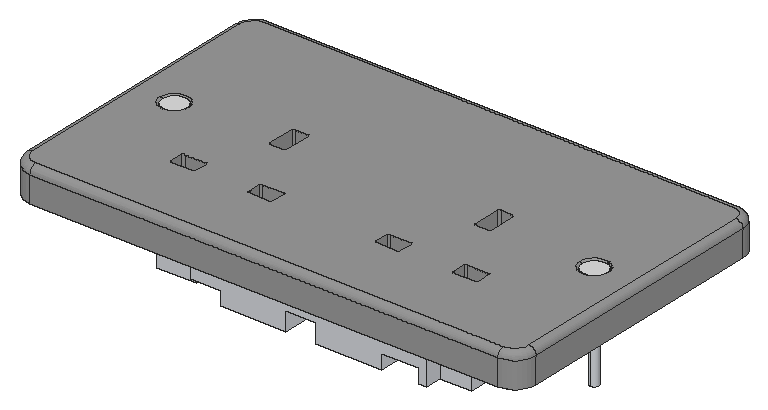
Revit family "ElectricalFixture_WiringAccessories_Hager_Sollysta_UnswitchedSockets", category Electrical Fixtures, host Face, Revit 2015
Parameters (values of type "WMS82")
  Warranty ID = ""
  Voltage (Volts) = "230V/240V"
  Unique Reference = "WMS82"
  Type = "ElectricalFixture"
  Technical Description = "13A2GangUnswitchedSocketDualEarth"
  Switch = yes
  Supply Phase = "1"
  Size = ""
  Shipping Weight kg = "0.188"
  Shape = "Rectangular"
  Reference Standard = "BS 1363-2"
  Product URL = "http://www.hager.co.uk/product-catalogue/wiring-accessories/sollysta/white-moulded/white-moulded-sockets/58428.htm"
  Product Range = "Sollysta"
  Product Model Number = "WMS82"
  Product Literature = "http://www.hager.co.uk/product-catalogue/wiring-accessories/sollysta/38662.htm"
  Product Group = "WiringAccessories"
  Product Family = "WhiteMouldedSockets_UnswitchedSockets"
  Packaging Recyclable = yes
  Overall Width = 0.0 mm
  Overall Length = 146.0 mm
  Overall Height = 86.0 mm
  Overall Depth = 26.07 mm
  Operation and Maintenance Manual = ""
  Name = "WhiteMouldedSocket_WMS82"
  Measurement Units = "mm"
  Material = Urea Formaldehyde Thermoset Plastic
  Manufacturer Website = "http://www.hager.co.uk/"
  Manufacturer Country = "United Kingdom"
  Manufacturer = "Hager"
  LED Indicator Switch [instance] = no
  Gross Weight kg = "0.165"
  Frequency = "50/60Hz"
  Finish = "Gloss"
  Features = "13A2GangUnswitchedSocketDualEarth"
  Extrusion From Wall = 12.61 mm
  Expected Life = "25 years"
  EAN Code = "5015652261056"
  Design Country = "China"
  Description = "13A2GangUnswitchedSocketDualEarth"
  Default Elevation = 1219.2 mm
  Colour = "SollystaWhite"
  CE Approval = yes
Types (4, lengths in mm): name | Unique Reference | Technical Description | Switch | Product Model Number | Product Family | Name | LED Indicator Switch | Features | EAN Code | Description
  WMS82 | "WMS82" | "13A2GangUnswitchedSocketDualEarth" | yes | "WMS82" | "WhiteMouldedSockets_UnswitchedSockets" | "WhiteMouldedSocket_WMS82" | no | "13A2GangUnswitchedSocketDualEarth" | "5015652261056" | "13A2GangUnswitchedSocketDualEarth"
  ElectricalFixture_WiringAccessories_Hager_Sollyster_WMSS82 | "WMSS82" | "2GangDoublePoleSwitchedSocketDualEarth" | yes | "WMSS82" | "WhiteMoldedSockets" | "WhiteMoldedSocket_WMSS82" | no | "2GangDoublePoleSwitchedSocketDualEarth" | "5015652261117" | "2GangDoublePoleSwitchedSocketDualEarth"
  WMSS82 N | "WMSS82" | "2GangDoublePoleSwitchedSocketDualEarth" | no | "WMSS82" | "WhiteMoldedSockets" | "WhiteMoldedSocket_WMSS82" | yes | "2GangDoublePoleSwitchedSocketDualEarth" | "5015652261117" | "2GangDoublePoleSwitchedSocketDualEarth"
  WMSS82 | "WMSS82" | "2GangDoublePoleSwitchedSocketDualEarth" | yes | "WMSS82" | "WhiteMoldedSockets" | "WhiteMoldedSocket_WMSS82" | no | "2GangDoublePoleSwitchedSocketDualEarth" | "5015652261117" | "2GangDoublePoleSwitchedSocketDualEarth"
Reference planes
  plane 1 "Center (Front/Back)": y = 0
  plane 2: z = 0
  plane 3 "Center (Left/Right)": x = 0
  plane 4: y = -43
  plane 5: y = 43
  plane 6: x = -73
  plane 7: x = 73
  plane 8: z = 9.47
  plane 9: z = -16.6
  plane 10: z = 12.61
  plane 11: y = -471.393
  plane 12: z = -20.53
Forms (mm)
  Extrusion 1, solid, material "Urea Formaldehyde Thermoset Plastic", detail levels fine
    sketch origin (0, 0, 0) x (1, 0, 0) y (0, 1, 0)
      loop
        arc (-73, -37.005) -> (-71.244, -41.244) -> (-67.005, -43) r 5.995
        line (-67.005, -43) -> (66.983, -43)
        arc (66.983, -43) -> (71.238, -41.238) -> (73, -36.983) r 6.017
        line (73, -36.983) -> (73, 37.035)
        arc (73, 37.035) -> (71.253, 41.253) -> (67.035, 43) r 5.965
        line (67.035, 43) -> (-67.018, 43)
        arc (-67.018, 43) -> (-71.248, 41.248) -> (-73, 37.018) r 5.982
        line (-73, 37.018) -> (-73, -37.005)
      loop
        line (-44.054, -17.616) -> (-44.054, -21.364)
        arc (-44.054, -21.364) -> (-43.908, -21.716) -> (-43.555, -21.862) r 0.499
        line (-43.555, -21.862) -> (-37.414, -21.862)
        arc (-37.414, -21.862) -> (-37.037, -21.706) -> (-36.882, -21.33) r 0.532
        line (-36.882, -21.33) -> (-36.882, -17.59)
        arc (-36.882, -17.59) -> (-37.032, -17.226) -> (-37.396, -17.075) r 0.515
        line (-37.396, -17.075) -> (-43.513, -17.075)
        arc (-43.513, -17.075) -> (-43.895, -17.233) -> (-44.054, -17.616) r 0.542
      loop
        line (-21.836, -17.616) -> (-21.836, -21.364)
        arc (-21.836, -21.364) -> (-21.69, -21.716) -> (-21.338, -21.862) r 0.499
        line (-21.338, -21.862) -> (-15.196, -21.862)
        arc (-15.196, -21.862) -> (-14.82, -21.706) -> (-14.664, -21.33) r 0.532
        line (-14.664, -21.33) -> (-14.664, -17.59)
        arc (-14.664, -17.59) -> (-14.814, -17.226) -> (-15.179, -17.075) r 0.515
        line (-15.179, -17.075) -> (-21.295, -17.075)
        arc (-21.295, -17.075) -> (-21.678, -17.233) -> (-21.836, -17.616) r 0.542
      loop
        line (-31.779, 6.629) -> (-31.779, -1.226)
        arc (-31.779, -1.226) -> (-31.632, -1.58) -> (-31.278, -1.727) r 0.501
        line (-31.278, -1.727) -> (-27.565, -1.727)
        arc (-27.565, -1.727) -> (-27.182, -1.568) -> (-27.023, -1.185) r 0.542
        line (-27.023, -1.185) -> (-27.023, 6.626)
        arc (-27.023, 6.626) -> (-27.17, 6.98) -> (-27.525, 7.127) r 0.502
        line (-27.525, 7.127) -> (-31.28, 7.127)
        arc (-31.28, 7.127) -> (-31.633, 6.981) -> (-31.779, 6.629) r 0.499
      loop
        arc (44.07, -17.616) -> (43.912, -17.233) -> (43.529, -17.075) r 0.542
        line (43.529, -17.075) -> (37.413, -17.075)
        arc (37.413, -17.075) -> (37.049, -17.226) -> (36.898, -17.59) r 0.515
        line (36.898, -17.59) -> (36.898, -21.33)
        arc (36.898, -21.33) -> (37.054, -21.706) -> (37.43, -21.862) r 0.532
        line (37.43, -21.862) -> (43.572, -21.862)
        arc (43.572, -21.862) -> (43.924, -21.716) -> (44.07, -21.364) r 0.499
        line (44.07, -21.364) -> (44.07, -17.616)
      loop
        arc (21.852, -17.616) -> (21.694, -17.233) -> (21.311, -17.075) r 0.542
        line (21.311, -17.075) -> (15.195, -17.075)
        arc (15.195, -17.075) -> (14.831, -17.226) -> (14.68, -17.59) r 0.515
        line (14.68, -17.59) -> (14.68, -21.33)
        arc (14.68, -21.33) -> (14.836, -21.706) -> (15.212, -21.862) r 0.532
        line (15.212, -21.862) -> (21.354, -21.862)
        arc (21.354, -21.862) -> (21.706, -21.716) -> (21.852, -21.364) r 0.499
        line (21.852, -21.364) -> (21.852, -17.616)
      loop
        arc (31.795, 6.629) -> (31.649, 6.981) -> (31.296, 7.127) r 0.499
        line (31.296, 7.127) -> (27.541, 7.127)
        arc (27.541, 7.127) -> (27.186, 6.98) -> (27.039, 6.626) r 0.502
        line (27.039, 6.626) -> (27.039, -1.185)
        arc (27.039, -1.185) -> (27.198, -1.568) -> (27.581, -1.727) r 0.542
        line (27.581, -1.727) -> (31.294, -1.727)
        arc (31.294, -1.727) -> (31.648, -1.58) -> (31.795, -1.226) r 0.501
        line (31.795, -1.226) -> (31.795, 6.629)
      loop
        circle (-60.15, 0) r 3.228
      loop
        circle (60.15, 0) r 3.228
    from 0 to 9.47
  Sweep 2, void
    path origin (0, 0, 0) x (1, 0, 0) y (0, 1, 0)
      loop
        line (-73, 37.018) -> (-73, -37.005)
        arc (-73, -37.005) -> (-71.244, -41.244) -> (-67.005, -43) r 5.995
        line (-67.005, -43) -> (66.983, -43)
        arc (66.983, -43) -> (71.238, -41.238) -> (73, -36.983) r 6.017
        line (73, -36.983) -> (73, 37.035)
        arc (73, 37.035) -> (71.253, 41.253) -> (67.035, 43) r 5.965
        line (67.035, 43) -> (-67.018, 43)
        arc (-67.018, 43) -> (-71.248, 41.248) -> (-73, 37.018) r 5.982
    profile origin (-73, 0.007, 0) x (1, 0, 0) y (0, 0, 1)
      loop
        line (0, 9.47) -> (0, 7.462)
        arc (0, 7.462) -> (0.588, 8.882) -> (2.008, 9.47) r 2.008
        line (2.008, 9.47) -> (0, 9.47)
  Sweep 3, void
    path origin (0, 0, 0) x (1, 0, 0) y (0, 1, 0)
      loop
        circle (60.15, 0) r 3.228
    profile origin (60.15, 3.228, 0) x (0, -1, 0) y (0, 0, 1)
      loop
        line (0, 9.47) -> (-0.814, 9.47)
        arc (-0.814, 9.47) -> (-0.347, 9.123) -> (0, 8.656) r 2
        line (0, 8.656) -> (0, 9.47)
  Sweep 4, void
    path origin (0, 0, 0) x (1, 0, 0) y (0, 1, 0)
      loop
        circle (-60.15, 0) r 3.228
    profile origin (-60.15, 3.228, 0) x (0, 1, 0) y (0, 0, 1)
      loop
        line (0, 9.47) -> (0, 8.656)
        arc (0, 8.656) -> (0.346, 9.124) -> (0.814, 9.47) r 1.964
        line (0.814, 9.47) -> (0, 9.47)
  Extrusion 5, solid, material "Steel, Chrome Plated", detail levels fine
    sketch origin (0, 0, 0) x (1, 0, 0) y (0, 1, 0)
      loop
        circle (-60.15, 0) r 3.542
    from -1.167 to 9.196
  Extrusion 6, solid, material "Steel, Chrome Plated", detail levels fine
    sketch origin (0, 0, 0) x (-1, 0, 0) y (0, -1, 0)
      loop
        circle (-60.15, 0) r 3.542
    from -1.167 to 9.196
  Extrusion 7, solid, material "Urea Formaldehyde Thermoset Plastic", detail levels medium
    sketch origin (0, 0, 0) x (1, 0, 0) y (0, 1, 0)
      loop
        line (-73, 43) -> (-73, -43) -> (73, -43) -> (73, 43) -> (-73, 43)
    from 0 to 9.47
  Extrusion 8, solid, detail levels medium+fine
    sketch origin (0, 0, 0) x (1, 0, 0) y (0, 1, 0)
      loop
        line (-55, 18.368) -> (-55, -25) -> (-31.332, -25) -> (-31.332, -30) -> (36.039, -30) -> (36.039, -25) -> (55, -25) -> (55, 18.368) -> (25, 18.368) -> (25, 12.481) -> (-25, 12.481) -> (-25, 18.368) -> (-55, 18.368)
    from -16.6 to 1.428
  Extrusion 9, void
    sketch origin (0, 0, 0) x (1, 0, 0) y (0, 0, 1)
      loop
        line (55, -12.6) -> (45.071, -12.6) -> (45.071, -16.6) -> (33.772, -16.6) -> (33.772, -12.6) -> (23.155, -12.6) -> (23.155, -16.6) -> (4.405, -16.6) -> (4.405, -11.253) -> (-4.349, -11.253) -> (-4.349, -16.6) -> (-22.939, -16.6) -> (-22.939, -12.6) -> (-33.729, -12.6) -> (-33.729, -16.6) -> (-45.095, -16.6) -> (-45.095, -12.6) -> (-55, -12.6) -> (-55, -16.6) -> (-55, -19.605) -> (55, -19.605) -> (55, -12.6)
    from -20.104 to 34.317
  Extrusion 10, solid
    sketch origin (0, 0, -1.167) x (0, 1, 0) y (-1, 0, 0)
      loop
        circle (0, -60.15) r 1.2
    from 0 to 19.363
  Extrusion 11, solid
    sketch origin (0, 0, -1.167) x (0, -1, 0) y (1, 0, 0)
      loop
        circle (0, -60.15) r 1.2
    from 0 to 19.363
Cuts and joins
  Sweep 2, Sweep 3, Sweep 4 cuts Extrusion 1
  Extrusion 9 cuts Extrusion 8
Lines and regions (mm)
  model lines, detail levels coarse
    curve 1: arc (-63.692, 0, 0) -> (-60.15, -3.542, 0) -> (-56.608, 0, 0) r 3.542
    curve 2: arc (-56.608, 0, 0) -> (-60.15, 3.542, 0) -> (-63.692, 0, 0) r 3.542
    curve 3: line (-37.414, -22.84, 0) -> (-43.555, -22.84, 0)
    curve 4: arc (-43.555, -22.84, 0) -> (-44.599, -22.408, 0) -> (-45.032, -21.364, 0) r 1.476
    curve 5: line (-45.032, -21.364, 0) -> (-45.032, -17.616, 0)
    curve 6: arc (-45.032, -17.616, 0) -> (-44.587, -16.542, 0) -> (-43.513, -16.097, 0) r 1.519
    curve 7: line (-43.513, -16.097, 0) -> (-37.396, -16.097, 0)
    curve 8: arc (-37.396, -16.097, 0) -> (-36.341, -16.534, 0) -> (-35.904, -17.59, 0) r 1.493
    curve 9: line (-35.904, -17.59, 0) -> (-35.904, -21.33, 0)
    curve 10: arc (-35.904, -21.33, 0) -> (-36.346, -22.398, 0) -> (-37.414, -22.84, 0) r 1.51
    curve 11: line (-13.686, -17.59, 0) -> (-13.686, -21.33, 0)
    curve 12: arc (-13.686, -21.33, 0) -> (-14.128, -22.398, 0) -> (-15.196, -22.84, 0) r 1.51
    curve 13: line (-15.196, -22.84, 0) -> (-21.338, -22.84, 0)
    curve 14: arc (-21.338, -22.84, 0) -> (-22.381, -22.408, 0) -> (-22.814, -21.364, 0) r 1.476
    curve 15: line (-22.814, -21.364, 0) -> (-22.814, -17.616, 0)
    curve 16: arc (-22.814, -17.616, 0) -> (-22.369, -16.542, 0) -> (-21.295, -16.097, 0) r 1.519
    curve 17: line (-21.295, -16.097, 0) -> (-15.179, -16.097, 0)
    curve 18: arc (-15.179, -16.097, 0) -> (-14.123, -16.534, 0) -> (-13.686, -17.59, 0) r 1.493
    curve 19: line (-27.565, -2.727, 0) -> (-31.278, -2.727, 0)
    curve 20: arc (-31.278, -2.727, 0) -> (-32.339, -2.287, 0) -> (-32.778, -1.226, 0) r 1.501
    curve 21: line (-32.778, -1.226, 0) -> (-32.778, 6.629, 0)
    curve 22: arc (-32.778, 6.629, 0) -> (-32.34, 7.688, 0) -> (-31.28, 8.127, 0) r 1.498
    curve 23: line (-31.28, 8.127, 0) -> (-27.525, 8.127, 0)
    curve 24: arc (-27.525, 8.127, 0) -> (-26.463, 7.688, 0) -> (-26.023, 6.626, 0) r 1.502
    curve 25: line (-26.023, 6.626, 0) -> (-26.023, -1.185, 0)
    curve 26: arc (-26.023, -1.185, 0) -> (-26.475, -2.275, 0) -> (-27.565, -2.727, 0) r 1.542
    curve 27: line (21.354, -22.84, 0) -> (15.212, -22.84, 0)
    curve 28: arc (15.212, -22.84, 0) -> (14.144, -22.398, 0) -> (13.702, -21.33, 0) r 1.51
    curve 29: line (13.702, -21.33, 0) -> (13.702, -17.59, 0)
    curve 30: arc (13.702, -17.59, 0) -> (14.139, -16.534, 0) -> (15.195, -16.097, 0) r 1.493
    curve 31: line (15.195, -16.097, 0) -> (21.311, -16.097, 0)
    curve 32: arc (21.311, -16.097, 0) -> (22.385, -16.542, 0) -> (22.83, -17.616, 0) r 1.519
    curve 33: line (22.83, -17.616, 0) -> (22.83, -21.364, 0)
    curve 34: arc (22.83, -21.364, 0) -> (22.398, -22.408, 0) -> (21.354, -22.84, 0) r 1.476
    curve 35: line (43.572, -22.84, 0) -> (37.43, -22.84, 0)
    curve 36: arc (37.43, -22.84, 0) -> (36.362, -22.398, 0) -> (35.92, -21.33, 0) r 1.51
    curve 37: line (35.92, -21.33, 0) -> (35.92, -17.59, 0)
    curve 38: arc (35.92, -17.59, 0) -> (36.357, -16.534, 0) -> (37.413, -16.097, 0) r 1.493
    curve 39: line (37.413, -16.097, 0) -> (43.529, -16.097, 0)
    curve 40: arc (43.529, -16.097, 0) -> (44.603, -16.542, 0) -> (45.048, -17.616, 0) r 1.519
    curve 41: line (45.048, -17.616, 0) -> (45.048, -21.364, 0)
    curve 42: arc (45.048, -21.364, 0) -> (44.616, -22.408, 0) -> (43.572, -22.84, 0) r 1.476
    curve 43: line (31.294, -2.727, 0) -> (27.581, -2.727, 0)
    curve 44: arc (27.581, -2.727, 0) -> (26.491, -2.275, 0) -> (26.039, -1.185, 0) r 1.542
    curve 45: line (26.039, -1.185, 0) -> (26.039, 6.626, 0)
    curve 46: arc (26.039, 6.626, 0) -> (26.479, 7.688, 0) -> (27.541, 8.127, 0) r 1.502
    curve 47: line (27.541, 8.127, 0) -> (31.296, 8.127, 0)
    curve 48: arc (31.296, 8.127, 0) -> (32.356, 7.688, 0) -> (32.795, 6.629, 0) r 1.498
    curve 49: line (32.795, 6.629, 0) -> (32.795, -1.226, 0)
    curve 50: arc (32.795, -1.226, 0) -> (32.355, -2.287, 0) -> (31.294, -2.727, 0) r 1.501
    curve 51: arc (63.378, 0, 0) -> (60.15, -3.228, 0) -> (56.922, 0, 0) r 3.228
    curve 52: arc (56.922, 0, 0) -> (60.15, 3.228, 0) -> (63.378, 0, 0) r 3.228
    curve 53: line (-73, 43, 0) -> (73, 43, 0)
    curve 54: line (-73, -43, 0) -> (-73, 43, 0)
    curve 55: line (73, -43, 0) -> (-73, -43, 0)
    curve 56: line (73, 43, 0) -> (73, -43, 0)
  symbolic lines, style "ElectricalFixtures", not visible, detail levels coarse
    curve 57: line (73.42, -504.912, 19.451) -> (3.42, -504.912, 19.451)
    curve 58: arc (73.42, -504.912, 19.451) -> (38.42, -504.912, 54.451) -> (3.42, -504.912, 19.451) r 35
    curve 59: line (0.509, -504.912, 19.451) -> (-69.491, -504.912, 19.451)
    curve 60: arc (0.509, -504.912, 19.451) -> (-34.491, -504.912, 54.451) -> (-69.491, -504.912, 19.451) r 35
  symbolic lines, style "ElectricalFixtures", detail levels coarse
    curve 61: line (-71.342, -504.912, 0) -> (-1.342, -504.912, 0)
    curve 62: arc (-71.342, -504.912, 0) -> (-36.342, -504.912, 35) -> (-1.342, -504.912, 0) r 35
    curve 63: line (1.569, -504.912, 0) -> (71.569, -504.912, 0)
    curve 64: arc (1.569, -504.912, 0) -> (36.569, -504.912, 35) -> (71.569, -504.912, 0) r 35
Dimensions and locks
  plane 10 to plane 9 = 29.21 mm
  plane 8 to plane 9 = 26.07 mm
  plane 2 to plane 9 = 16.6 mm
  "Overall Length": plane 6 to plane 7
  "Overall Height": plane 4 to plane 5
  "Overall Depth": plane 9 to plane 8
  "Extrusion From Wall": plane 2 to plane 10
  plane 8 to plane 12 = 30.0 mm
  aligned and locked: plane 2 to host face
  aligned and locked: level to host face
  aligned and locked: Extrusion 1 to plane 8
  aligned and locked: Extrusion 7 to plane 8
  aligned and locked: plane 9 to cut or joined group of Extrusion 8, Extrusion 9
  aligned and locked: cut or joined group of Extrusion 1, Sweep 2, Sweep 3, Sweep 4 to plane 8
  aligned and locked: cut or joined group of Extrusion 8, Extrusion 9 to plane 9  (x4)
  aligned and locked: Extrusion 10 to Extrusion 6
  aligned and locked: Extrusion 11 to Extrusion 5
  aligned and locked: plane 12 to Extrusion 11
  aligned and locked: Extrusion 11 to Extrusion 10
Automatic sketch dimensions
  plane 5 to curve 54 = 0.0 mm
  curve 54 to plane 6 = 0.0 mm
  plane 1 "Center (Front/Back)" to curve 2 = 0.0 mm
  plane 1 "Center (Front/Back)" to curve 51 = 0.0 mm
  plane 4 to curve 55 = 0.0 mm
  curve 55 to plane 7 = 0.0 mm
  plane 6 to curve 2 = 12.85 mm
  plane 6 to curve 5 = 27.968 mm
  curve 5 to curve 4 = 1.476 mm
  curve 5 to curve 6 = 1.519 mm
  curve 3 to curve 3 = 6.142 mm
  curve 10 to curve 7 = 0.017 mm
  curve 8 to curve 9 = 1.493 mm
  plane 1 "Center (Front/Back)" to curve 21 = 1.226 mm
  curve 8 to curve 21 = 4.618 mm
  curve 21 to curve 22 = 1.498 mm
  curve 21 to curve 19 = 1.501 mm
  plane 1 "Center (Front/Back)" to curve 26 = 1.185 mm
  curve 20 to curve 26 = 3.713 mm
  curve 23 to curve 25 = 1.502 mm
  curve 8 to curve 15 = 13.09 mm
  curve 14 to curve 14 = 1.476 mm
  curve 16 to curve 17 = 1.519 mm
  curve 13 to curve 13 = 6.142 mm
  curve 12 to curve 18 = 0.017 mm
  curve 12 to curve 11 = 1.51 mm
  plane 3 "Center (Left/Right)" to curve 29 = 13.702 mm
  curve 30 to curve 30 = 1.493 mm
  curve 28 to curve 27 = 1.51 mm
  curve 30 to curve 31 = 6.116 mm
  curve 32 to curve 34 = 0.043 mm
  curve 32 to curve 33 = 1.519 mm
  curve 45 to plane 1 "Center (Front/Back)" = 6.626 mm
  curve 45 to curve 47 = 1.502 mm
  curve 45 to curve 44 = 1.542 mm
  plane 1 "Center (Front/Back)" to curve 50 = 1.226 mm
  curve 44 to curve 50 = 3.713 mm
  curve 46 to curve 47 = 3.755 mm
  curve 48 to curve 49 = 1.498 mm
  curve 32 to curve 37 = 13.09 mm
  curve 37 to curve 38 = 1.493 mm
  curve 36 to curve 35 = 1.51 mm
  curve 38 to curve 40 = 6.116 mm
  curve 40 to curve 35 = 0.043 mm
  curve 40 to curve 41 = 1.519 mm
  curve 51 to plane 7 = 12.85 mm
  curve 35 to plane 4 = 20.16 mm
  curve 3 to plane 4 = 20.16 mm
  curve 13 to curve 10 = 1.51 mm
  curve 27 to curve 37 = 1.51 mm
  curve 14 to curve 16 = 3.747 mm
  curve 4 to curve 6 = 3.747 mm
  curve 33 to curve 33 = 3.747 mm
  curve 41 to curve 41 = 3.747 mm
  curve 24 to plane 1 "Center (Front/Back)" = 6.626 mm
  curve 2 to curve 1 = 3.542 mm
  curve 51 to curve 51 = 3.228 mm
  host sketch curve to host sketch curve = 2438.4 mm  (x2)
  Extrusion 1 sketch curve to plane 6 = 0.0 mm
  plane 5 to Extrusion 1 sketch curve = 0.0 mm
  plane 4 to Extrusion 1 sketch curve = 0.0 mm
  plane 1 "Center (Front/Back)" to Extrusion 1 sketch curve = 0.0 mm  (x2)
  plane 6 to Extrusion 1 sketch curve = 5.982 mm
  plane 6 to Extrusion 1 sketch curve = 5.995 mm
  plane 6 to Extrusion 1 sketch curve = 12.85 mm
  plane 6 to Extrusion 1 sketch curve = 28.946 mm
  Extrusion 1 sketch curve to Extrusion 1 sketch curve = 0.499 mm  (x4)
  Extrusion 1 sketch curve to Extrusion 1 sketch curve = 0.542 mm  (x5)
  Extrusion 1 sketch curve to Extrusion 1 sketch curve = 6.142 mm  (x2)
  Extrusion 1 sketch curve to Extrusion 1 sketch curve = 0.017 mm  (x2)
  Extrusion 1 sketch curve to Extrusion 1 sketch curve = 0.532 mm  (x3)
  plane 1 "Center (Front/Back)" to Extrusion 1 sketch curve = 1.226 mm
  Extrusion 1 sketch curve to Extrusion 1 sketch curve = 5.618 mm
  Extrusion 1 sketch curve to Extrusion 1 sketch curve = 0.501 mm  (x2)
  Extrusion 1 sketch curve to Extrusion 1 sketch curve = 3.713 mm  (x2)
  Extrusion 1 sketch curve to Extrusion 1 sketch curve = 3.755 mm  (x2)
  Extrusion 1 sketch curve to Extrusion 1 sketch curve = 15.045 mm  (x2)
  Extrusion 1 sketch curve to Extrusion 1 sketch curve = 0.515 mm  (x3)
  plane 3 "Center (Left/Right)" to Extrusion 1 sketch curve = 14.68 mm
  Extrusion 1 sketch curve to Extrusion 1 sketch curve = 6.116 mm  (x2)
  Extrusion 1 sketch curve to Extrusion 1 sketch curve = 0.043 mm  (x2)
  plane 1 "Center (Front/Back)" to Extrusion 1 sketch curve = 1.185 mm
  Extrusion 1 sketch curve to Extrusion 1 sketch curve = 5.728 mm
  Extrusion 1 sketch curve to Extrusion 1 sketch curve = 0.502 mm
  Extrusion 1 sketch curve to plane 7 = 12.85 mm
  Extrusion 1 sketch curve to plane 7 = 6.017 mm
  Extrusion 1 sketch curve to plane 7 = 5.965 mm
  plane 7 to Extrusion 1 sketch curve = 0.0 mm
  Extrusion 1 sketch curve to plane 4 = 21.138 mm  (x2)
  Extrusion 1 sketch curve to Extrusion 1 sketch curve = 15.121 mm
  Extrusion 1 sketch curve to Extrusion 1 sketch curve = 15.143 mm
  Extrusion 1 sketch curve to Extrusion 1 sketch curve = 3.747 mm  (x4)
  Extrusion 1 sketch curve to plane 1 "Center (Front/Back)" = 6.626 mm  (x2)
  Sweep 2 sketch curve to plane 6 = 0.0 mm
  plane 5 to Sweep 2 sketch curve = 0.0 mm
  plane 4 to Sweep 2 sketch curve = 0.0 mm
  plane 5 to Sweep 2 sketch curve = 5.982 mm
  plane 6 to Sweep 2 sketch curve = 5.995 mm
  Sweep 2 sketch curve to plane 7 = 6.017 mm
  Sweep 2 sketch curve to plane 7 = 5.965 mm
  plane 7 to Sweep 2 sketch curve = 0.0 mm
  profile plane to Sweep 2 sketch curve = 0.0 mm
  Sweep 2 sketch curve to profile plane = 2.008 mm
  level to Sweep 2 sketch curve = 7.462 mm
  plane 1 "Center (Front/Back)" to Sweep 3 sketch curve = 0.0 mm
  Sweep 3 sketch curve to plane 7 = 12.85 mm
  Sweep 3 sketch curve to profile plane = 0.0 mm
  profile plane to Sweep 3 sketch curve = 0.814 mm
  profile plane to Sweep 3 sketch curve = 1.761 mm
  level to Sweep 3 sketch curve = 7.709 mm
  Sweep 3 sketch curve to Sweep 3 sketch curve = 0.947 mm
  Sweep 4 sketch curve to Sweep 4 sketch curve = 0.0 mm  (x2)
  plane 1 "Center (Front/Back)" to Sweep 4 sketch curve = 0.0 mm
  plane 6 to Sweep 4 sketch curve = 12.85 mm
  Sweep 4 sketch curve to Sweep 4 sketch curve = 3.228 mm
  Sweep 4 sketch curve to profile plane = 0.0 mm
  Sweep 4 sketch curve to profile plane = 0.814 mm
  Sweep 4 sketch curve to profile plane = 1.735 mm
  level to Sweep 4 sketch curve = 7.735 mm
  Sweep 4 sketch curve to Sweep 4 sketch curve = 0.921 mm
  Extrusion 5 sketch curve to Extrusion 5 sketch curve = 0.0 mm  (x2)
  plane 1 "Center (Front/Back)" to Extrusion 5 sketch curve = 0.0 mm
  plane 6 to Extrusion 5 sketch curve = 12.85 mm
  Extrusion 5 sketch curve to Extrusion 5 sketch curve = 3.542 mm
  Extrusion 6 sketch curve to Extrusion 6 sketch curve = 0.0 mm  (x2)
  plane 1 "Center (Front/Back)" to Extrusion 6 sketch curve = 0.0 mm
  plane 7 to Extrusion 6 sketch curve = 12.85 mm
  Extrusion 6 sketch curve to Extrusion 6 sketch curve = 3.542 mm
  plane 4 to Extrusion 7 sketch curve = 0.0 mm
  Extrusion 7 sketch curve to plane 6 = 0.0 mm
  Extrusion 7 sketch curve to plane 7 = 0.0 mm
  plane 5 to Extrusion 7 sketch curve = 0.0 mm
  plane 6 to Extrusion 8 sketch curve = 18.0 mm
  Extrusion 8 sketch curve to Extrusion 8 sketch curve = 23.668 mm
  Extrusion 8 sketch curve to plane 3 "Center (Left/Right)" = 25.0 mm
  plane 3 "Center (Left/Right)" to Extrusion 8 sketch curve = 25.0 mm
  Extrusion 8 sketch curve to plane 4 = 13.0 mm
  plane 3 "Center (Left/Right)" to Extrusion 8 sketch curve = 36.039 mm
  Extrusion 8 sketch curve to plane 7 = 18.0 mm
  Extrusion 8 sketch curve to Extrusion 8 sketch curve = 5.0 mm  (x2)
  Extrusion 8 sketch curve to plane 1 "Center (Front/Back)" = 12.481 mm
  Extrusion 8 sketch curve to Extrusion 8 sketch curve = 5.887 mm  (x2)
  Extrusion 9 sketch curve to plane 9 = 0.0 mm  (x5)
  Extrusion 9 sketch curve to plane 12 = 0.925 mm
  plane 6 to Extrusion 9 sketch curve = 18.0 mm
  Extrusion 9 sketch curve to plane 9 = 4.0 mm  (x4)
  Extrusion 9 sketch curve to Extrusion 9 sketch curve = 9.905 mm
  Extrusion 9 sketch curve to Extrusion 9 sketch curve = 11.366 mm
  Extrusion 9 sketch curve to Extrusion 9 sketch curve = 10.79 mm
  Extrusion 9 sketch curve to plane 3 "Center (Left/Right)" = 4.349 mm
  plane 3 "Center (Left/Right)" to Extrusion 9 sketch curve = 4.405 mm
  Extrusion 9 sketch curve to Extrusion 9 sketch curve = 18.749 mm
  Extrusion 9 sketch curve to Extrusion 9 sketch curve = 10.617 mm
  Extrusion 9 sketch curve to Extrusion 9 sketch curve = 11.299 mm
  Extrusion 9 sketch curve to Extrusion 9 sketch curve = 9.929 mm
  Extrusion 9 sketch curve to Extrusion 9 sketch curve = 5.347 mm
  curve 32 to curve 45 = 4.728 mm
  curve 63 to curve 61 = 2.911 mm
  curve 61 to curve 62 = 35.0 mm
  curve 62 to curve 63 = 0.0 mm
  curve 63 to curve 64 = 35.0 mm
  curve 59 to curve 57 = 2.911 mm
  curve 57 to curve 58 = 35.0 mm
  curve 58 to curve 59 = 0.0 mm
  curve 59 to curve 60 = 35.0 mm
  radius of Extrusion 1 sketch curve = 3.228 mm  (x2)
  radius of Sweep 3 sketch curve = 3.228 mm
  radius of Extrusion 10 sketch curve = 1.2 mm
  radius of Extrusion 11 sketch curve = 1.2 mm
Connectors
  electrical at (-0.001, 0.008, 0)
    settings: on cut or joined group of Extrusion 1, Sweep 2, Sweep 3, Sweep 4, index 1, voltage 0 V, apparent load 0 VA, apparent load phase1 0 VA, apparent load phase2 0 VA, apparent load phase3 0 VA, power factor 1, load classification "Other", number of poles 1, system type 31, power factor state 1, is connector primary yes, connector utility no, sub classification motor no, connector description ""
